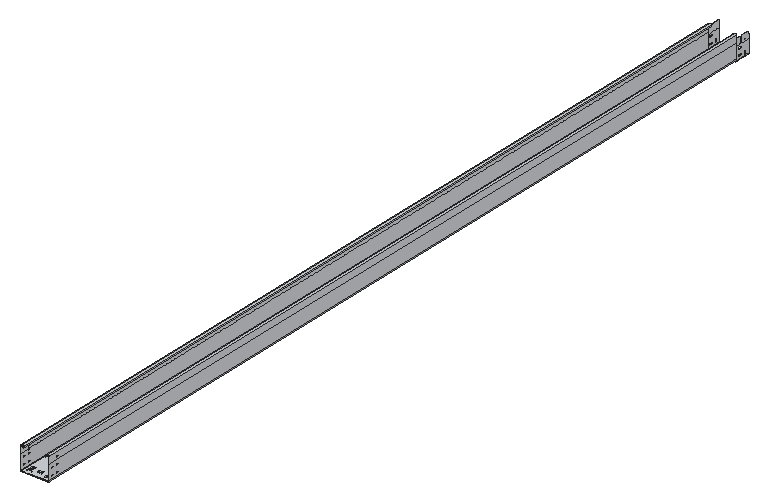
Revit family "SKSMUKabelrinne SKS-Magic® 85 ungelocht FS_FT_810", category Generic Models, Revit 2017
Family settings
  Can host rebar = No
  Round Connector Dimension = Use Diameter
  Part Type = Normal
  Work Plane-Based = No
  Always vertical = Yes
  Cut with Voids When Loaded = No
  Shared = No
  Room Calculation Point = No
Parameters (values of type "SKSMU 810 FS")
  Width 2 = 6.5 mm
  Width 1 = Width / 2  # 50 mm
  Width = 100 mm
  URL = "http://www.obo-bettermann.com"
  Material = Strip-galvanised
  Manufacturer Art.No. = "6059762"
  Manufacturer = "OBO BETTERMANN"
  Length 2 = 49.812 mm
  Length 1 = 3000 mm
  Length = 3050 mm
  Height = 85 mm
  GTIN = "4012195833444"
  Cut's number = 2
  Article Type = "SKSMU 810 FS"
Types (3, lengths in mm): name | Material | Manufacturer Art.No. | GTIN | Article Type
  (no name) | Strip-galvanised | "6059762" | "4012195833444" | "SKSMU 810 FS"
  SKSMU 810 FS | Strip-galvanised | "6059762" | "4012195833444" | "SKSMU 810 FS"
  SKSMU 810 FT | Hot-dip galvanised | "6059779" | "4012195833567" | "SKSMU 810 FT"
Reference planes
  plane 1 "Center (Front/Back)": y = 0
  plane 2: z = 0
  plane 3 "Center (Left/Right)": x = 0
  plane 4: x = -31
  plane 5: x = 31
  plane 6: z = -3.5
  plane 7: y = 3050
  plane 8: z = -5.8
  plane 9: x = -31
  plane 10: x = 31
  plane 11: y = 36.35
  plane 12: z = -5.8
  plane 13: y = 35.85
  plane 14: z = 14
  plane 15: z = 39
  plane 16: y = 35.85
  plane 17: x = 0.74
  plane 18: y = 3024.58
  plane 19: y = 3024.58
  plane 20: x = -31
  plane 21: x = 31
  plane 22: x = 0
  plane 23: y = 3032.58
  plane 24: y = 3016.58
  plane 25 "2": x = -5
  plane 26 "1": y = 29.1
  plane 27: y = 21.1
  plane 28: x = 6
  plane 29: x = 6
  plane 30: x = -3
  plane 31: z = 14.186
  plane 32: z = 83.7
  plane 33: z = -2.3
  plane 34: z = -2.3
  plane 35: z = 74.7
  plane 36: z = 71.45
  plane 37: z = 39.186
  plane 38: y = 14.692
  plane 39: z = 42.107
  plane 40: z = 17.5
  plane 41: z = 10.5
  plane 42: y = 14.692
  plane 43: z = 67.107
  plane 44: z = 42.5
  plane 45: z = 35.5
  plane 46: z = 52.5
  plane 47: z = 64
  plane 48: y = 35.85
  plane 49: y = 3035
  plane 50: z = 13.2
  plane 51: y = 3035
  plane 52: z = 54.6
  plane 53: y = 3020
  plane 54: y = 3015
  plane 55: z = 47.25
  plane 56: y = 3005
  plane 57: y = 3022
  plane 58: z = 17.5
  plane 59: z = 0
  plane 60: z = 9
  plane 61: z = 31.5
Forms (mm)
  Extrusion 1, solid
    sketch origin (0, 0, 0) x (1, 0, 0) y (0, 0, 1)
      loop
        line (-47.715, 0) -> (47.503, 0)
        arc (47.503, 0) -> (49.269, 0.731) -> (50, 2.497) r 2.497
        line (50, 2.497) -> (50, 54.379) -> (50, 77.652)
        arc (50, 77.652) -> (44, 83.652) -> (38, 77.652) r 6
        line (38, 77.652) -> (38, 74.7) -> (39.5, 74.7) -> (39.5, 77.652)
        arc (39.5, 77.652) -> (44, 82.152) -> (48.5, 77.652) r 4.5
        line (48.5, 77.652) -> (48.5, 54.379) -> (48.5, 2.497)
        arc (48.5, 2.497) -> (48.208, 1.792) -> (47.503, 1.5) r 0.997
        line (47.503, 1.5) -> (-47.641, 1.5)
        arc (-47.641, 1.5) -> (-48.248, 1.752) -> (-48.5, 2.359) r 0.859
        line (-48.5, 2.359) -> (-48.5, 54.354) -> (-48.5, 77.765)
        arc (-48.5, 77.765) -> (-44, 82.265) -> (-39.5, 77.765) r 4.5
        line (-39.5, 77.765) -> (-39.5, 74.7) -> (-38.074, 74.7) -> (-38.074, 78.706)
        arc (-38.074, 78.706) -> (-44.472, 83.747) -> (-50, 77.765) r 6
        line (-50, 77.765) -> (-50, 54.354) -> (-50, 2.285)
        arc (-50, 2.285) -> (-49.331, 0.669) -> (-47.715, 0) r 2.285
    from 0 to -3000.188
  Extrusion 2, solid
    sketch origin (0, 0, 0) x (1, 0, 0) y (0, 0, 1)
      loop
        line (-50, 46.42) -> (-50, 71.48) -> (-52.3, 71.48) -> (-52.3, 46.45) -> (-52.3, 2.5)
        arc (-52.3, 2.5) -> (-50.894, -0.894) -> (-47.5, -2.3) r 4.8
        line (-47.5, -2.3) -> (47.5, -2.3)
        arc (47.5, -2.3) -> (50.894, -0.894) -> (52.3, 2.5) r 4.8
        line (52.3, 2.5) -> (52.3, 46.45) -> (52.3, 71.45) -> (50, 71.45) -> (50, 46.45) -> (50, 2.5)
        arc (50, 2.5) -> (49.268, 0.732) -> (47.5, 0) r 2.5
        line (47.5, 0) -> (-47.746, 0)
        arc (-47.746, 0) -> (-49.34, 0.66) -> (-50, 2.254) r 2.254
        line (-50, 2.254) -> (-50, 46.42)
    from -3050 to -3000.188
  Extrusion 3, solid
    sketch origin (0, 0, 0) x (1, 0, 0) y (0, 0, 1)
      loop
        line (-31.068, -5.761) -> (-21.09, 0) -> (-25.554, 0) -> (-31, -3.144) -> (-36.446, 0) -> (-41.046, 0) -> (-31.068, -5.761)
      loop
        line (31, -5.8) -> (41.046, 0) -> (36.446, 0) -> (31, -3.144) -> (25.554, 0) -> (20.954, 0) -> (31, -5.8)
    from -36.35 to -29.85
  Extrusion 4, solid
    sketch origin (0, 0, 0) x (1, 0, 0) y (0, 0, 1)
      loop
        line (-41.046, 0) -> (-31.068, -5.761) -> (-21.09, 0) -> (-25.554, 0) -> (-31, -3.144) -> (-36.446, 0) -> (-41.046, 0)
      loop
        line (20.954, 0) -> (31, -5.8) -> (41.046, 0) -> (36.446, 0) -> (31, -3.144) -> (25.554, 0) -> (20.954, 0)
    from -20.3 to -13.8
  Extrusion 5, void
    sketch origin (0, 0, 0) x (1, 0, 0) y (0, 1, 0)
      loop
        line (-36.446, 36.35) -> (-36.446, 29.85) -> (-25.554, 29.85) -> (-25.554, 36.35) -> (-36.446, 36.35)
      loop
        line (-36.446, 20.3) -> (-36.446, 13.8) -> (-25.554, 13.8) -> (-25.554, 20.3) -> (-36.446, 20.3)
      loop
        line (25.554, 36.35) -> (25.554, 29.85) -> (36.446, 29.85) -> (36.446, 36.35) -> (25.554, 36.35)
      loop
        line (25.554, 20.3) -> (25.554, 13.8) -> (36.446, 13.8) -> (36.446, 20.3) -> (25.554, 20.3)
    from 0 to 1.5
  Extrusion 6, void
    sketch origin (0, 0, 0) x (0, 1, 0) y (0, 0, 1)
      loop
        arc (31.85, 17.5) -> (28.35, 14) -> (31.85, 10.5) r 3.5
        line (31.85, 10.5) -> (39.85, 10.5)
        arc (39.85, 10.5) -> (43.35, 14) -> (39.85, 17.5) r 3.5
        line (39.85, 17.5) -> (31.85, 17.5)
    from 48.5 to 50
  Extrusion 7, void
    sketch origin (0, 0, 0) x (0, 1, 0) y (0, 0, 1)
      loop
        arc (31.654, 42.107) -> (28.35, 38.804) -> (31.654, 35.5) r 3.304
        line (31.654, 35.5) -> (40.046, 35.5)
        arc (40.046, 35.5) -> (43.35, 38.804) -> (40.046, 42.107) r 3.304
        line (40.046, 42.107) -> (31.654, 42.107)
    from 48.5 to 50
  Extrusion 8, void
    sketch origin (0, 0, 0) x (1, 0, 0) y (0, 1, 0)
      loop
        line (-7.26, 3028.08) -> (-7.26, 3021.08) -> (8.74, 3021.08) -> (8.74, 3028.08) -> (-7.26, 3028.08)
    from -2.3 to 0
  Extrusion 9, void
    sketch origin (0, 0, 0) x (1, 0, 0) y (0, 1, 0)
      loop
        line (23, 3036.38) -> (23, 3028.78) -> (39, 3028.78) -> (39, 3036.38) -> (23, 3036.38)
      loop
        line (23, 3020.341) -> (23, 3012.741) -> (39, 3012.741) -> (39, 3020.341) -> (23, 3020.341)
      loop
        line (-39, 3036.38) -> (-39, 3028.78) -> (-23, 3028.78) -> (-23, 3036.38) -> (-39, 3036.38)
      loop
        line (-39, 3020.341) -> (-39, 3012.741) -> (-23, 3012.741) -> (-23, 3020.341) -> (-39, 3020.341)
    from -2.3 to 0
  Extrusion 10, void
    sketch origin (0, 0, 0) x (1, 0, 0) y (0, 1, 0)
      loop
        arc (-6, 30.1) -> (-6.707, 29.807) -> (-7, 29.1) r 1
        line (-7, 29.1) -> (-7, 21.1)
        arc (-7, 21.1) -> (-6.707, 20.393) -> (-6, 20.1) r 1
        line (-6, 20.1) -> (6.045, 20.1)
        arc (6.045, 20.1) -> (7.064, 21.118) -> (6.045, 22.137) r 1.018
        line (6.045, 22.137) -> (-3.101, 23.098)
        arc (-3.101, 23.098) -> (-5, 25.276) -> (-2.758, 27.1) r 2.009
        line (-2.758, 27.1) -> (6.086, 28.111)
        arc (6.086, 28.111) -> (6.968, 29.159) -> (5.972, 30.1) r 0.997
        line (5.972, 30.1) -> (-6, 30.1)
    from 0 to 1.5
  Extrusion 11, void
    sketch origin (0, 0, 0) x (0, 1, 0) y (0, 0, 1)
      loop
        arc (9.939, 17.5) -> (7.197, 14) -> (9.939, 10.5) r 3.605
        line (9.939, 10.5) -> (18.803, 10.5)
        arc (18.803, 10.5) -> (22.198, 13.623) -> (19.7, 17.5) r 3.581
        line (19.7, 17.5) -> (9.939, 17.5)
    from 48.5 to 50
  Extrusion 12, void
    sketch origin (0, 0, 25) x (0, 1, 0) y (0, 0, 1)
      loop
        arc (9.939, 17.5) -> (7.197, 14) -> (9.939, 10.5) r 3.605
        line (9.939, 10.5) -> (18.803, 10.5)
        arc (18.803, 10.5) -> (22.198, 13.623) -> (19.7, 17.5) r 3.581
        line (19.7, 17.5) -> (9.939, 17.5)
    from 48.5 to 50
  Extrusion 13, void
    sketch origin (0, 0, 0) x (0, 1, 0) y (0, 0, 1)
      loop
        line (32.35, 56.5) -> (32.35, 48.5) -> (40.35, 48.5) -> (40.35, 56.5) -> (32.35, 56.5)
    from 48.5 to 50
  Extrusion 14, void
    sketch origin (0, 0, 25) x (0, 1, 0) y (0, 0, 1)
      loop
        arc (31.654, 42.107) -> (28.35, 38.804) -> (31.654, 35.5) r 3.304
        line (31.654, 35.5) -> (40.046, 35.5)
        arc (40.046, 35.5) -> (43.35, 38.804) -> (40.046, 42.107) r 3.304
        line (40.046, 42.107) -> (31.654, 42.107)
    from 48.5 to 50
  Extrusion 15, void
    sketch origin (0, 0, 0) x (0, 1, 0) y (0, 0, 1)
      loop
        line (40.35, 56.5) -> (32.35, 56.5) -> (32.35, 48.5) -> (40.35, 48.5) -> (40.35, 56.5)
      loop
        line (19.697, 42.5) -> (9.807, 42.5)
        arc (9.807, 42.5) -> (7.118, 38.959) -> (9.911, 35.5) r 3.606
        line (9.911, 35.5) -> (19.125, 35.5)
        arc (19.125, 35.5) -> (22.211, 38.771) -> (19.697, 42.5) r 3.6
      loop
        line (40.046, 42.107) -> (31.654, 42.107)
        arc (31.654, 42.107) -> (28.35, 38.804) -> (31.654, 35.5) r 3.304
        line (31.654, 35.5) -> (40.046, 35.5)
        arc (40.046, 35.5) -> (43.35, 38.804) -> (40.046, 42.107) r 3.304
      loop
        line (40.046, 67.107) -> (31.654, 67.107)
        arc (31.654, 67.107) -> (28.35, 63.804) -> (31.654, 60.5) r 3.304
        line (31.654, 60.5) -> (40.046, 60.5)
        arc (40.046, 60.5) -> (43.35, 63.804) -> (40.046, 67.107) r 3.304
      loop
        line (39.85, 17.476) -> (31.823, 17.476)
        arc (31.823, 17.476) -> (28.35, 14.003) -> (31.823, 10.53) r 3.473
        line (31.823, 10.53) -> (39.85, 10.53)
        arc (39.85, 10.53) -> (43.323, 14.003) -> (39.85, 17.476) r 3.473
      loop
        line (19.774, 17.476) -> (9.847, 17.476)
        arc (9.847, 17.476) -> (7.197, 14.012) -> (9.823, 10.53) r 3.605
        line (9.823, 10.53) -> (19.138, 10.53)
        arc (19.138, 10.53) -> (22.212, 13.751) -> (19.774, 17.476) r 3.581
    from -50 to -48.5
  Extrusion 16, void
    sketch origin (0, 0, 0) x (0, 1, 0) y (0, 0, 1)
      loop
        line (3031.5, 19.2) -> (3031.5, 7.257) -> (3038.5, 7.257) -> (3038.5, 19.2) -> (3031.5, 19.2)
      loop
        line (3030, 56.6) -> (3030, 52.6) -> (3040, 52.6) -> (3040, 56.6) -> (3030, 56.6)
      loop
        line (3050, 71.45) -> (3046.972, 71.45) -> (3050, 63.13) -> (3050, 71.45)
      loop
        line (3020, 71.45) -> (3011.998, 71.45) -> (3015, 63.201) -> (3015, 47.25) -> (3020, 47.25) -> (3020, 63.193) -> (3023.005, 71.45) -> (3020, 71.45)
    from -52.3 to -50
  Extrusion 17, void
    sketch origin (0, 0, 0) x (0, 1, 0) y (0, 0, 1)
      loop
        line (3046.972, 71.45) -> (3050, 63.13) -> (3050, 71.45) -> (3046.972, 71.45)
      loop
        line (3030, 56.6) -> (3030, 52.6) -> (3040, 52.6) -> (3040, 56.6) -> (3030, 56.6)
      loop
        line (3031.5, 19.2) -> (3031.5, 7.257) -> (3038.5, 7.257) -> (3038.5, 19.2) -> (3031.5, 19.2)
      loop
        line (3011.998, 71.45) -> (3015, 63.201) -> (3015, 47.25) -> (3020, 47.25) -> (3020, 63.193) -> (3023.005, 71.45) -> (3011.998, 71.45)
    from 50 to 52.3
  Extrusion 18, void
    sketch origin (0, 0, 0) x (0, 1, 0) y (0, 0, 1)
      loop
        line (3005, 9) -> (3022, 9) -> (3022, 40) -> (3005, 40) -> (3005, 31.5) -> (3018.5, 31.5) -> (3018.5, 17.5) -> (3005, 17.5) -> (3005, 9)
    from -52.3 to -50
  Extrusion 19, void
    sketch origin (0, 0, 0) x (0, 1, 0) y (0, 0, 1)
      loop
        line (3005, 40) -> (3005, 31.5) -> (3018.5, 31.5) -> (3018.5, 17.5) -> (3005, 17.5) -> (3005, 9) -> (3022, 9) -> (3022, 40) -> (3005, 40)
    from 50 to 52.3
Cuts and joins
  Extrusion 5, Extrusion 6, Extrusion 7, Extrusion 10, Extrusion 11, Extrusion 12, Extrusion 13, Extrusion 14, Extrusion 15 cuts Extrusion 1
  Extrusion 8, Extrusion 9, Extrusion 16, Extrusion 17, Extrusion 18, Extrusion 19 cuts Extrusion 2
Dimensions and locks
  plane 3 "Center (Left/Right)" to plane 4 = 31 mm
  plane 5 to plane 3 "Center (Left/Right)" = 31 mm
  Extrusion 1 sketch curve to plane 6 = 3.5 mm
  "Width": Extrusion 1 sketch curve to Extrusion 1 sketch curve
  "Width 1": plane 3 "Center (Left/Right)" to Extrusion 1 sketch curve
  "Length": plane 1 "Center (Front/Back)" to plane 7
  locked: Extrusion 2 sketch curve to Extrusion 1 at 2.3  (x2)
  locked: Extrusion 2 to Extrusion 2 at 49.812
  locked: Extrusion 2 to plane 8 at 3.5
  locked: plane 3 "Center (Left/Right)" to plane 9 at 31
  locked: plane 10 to plane 3 "Center (Left/Right)" at 31
  locked: plane 1 "Center (Front/Back)" to plane 11 at 36.35
  "Width 2": Extrusion 3 to Extrusion 3
  locked: Extrusion 3 sketch curve to Extrusion 3 sketch curve at 2.232
  locked: Extrusion 3 sketch curve to Extrusion 3 sketch curve at 2.3  (x3)
  locked: Extrusion 3 to Extrusion 3 at 2.3  (x3)
  locked: Extrusion 3 to Extrusion 3 at 2.232
  locked: Extrusion 2 to plane 12 at 3.5
  locked: plane 3 "Center (Left/Right)" to Extrusion 4 sketch curve at 31.068
  locked: Extrusion 4 sketch curve to plane 3 "Center (Left/Right)" at 31
  "Width 2": Extrusion 4 to Extrusion 4
  locked: cut or joined group 1 (Extrusion 1, Extrusion 5, Extrusion 6, Extrusion 7, Extrusion 10, Extrusion 11, Extrusion 12, Extrusion 13, Extrusion 14, Extrusion 15) to plane 13 at 35.85
  locked: plane 14 to level at 14
  locked: Extrusion 6 sketch curve to Extrusion 6 sketch curve at 7
  locked: plane 14 to Extrusion 6 sketch curve at 3.5
  locked: plane 13 to Extrusion 6 sketch curve at 7.5
  locked: Extrusion 6 sketch curve to plane 13 at 7.5
  locked: plane 15 to Extrusion 7 sketch curve at 3.5
  locked: Extrusion 7 sketch curve to Extrusion 7 sketch curve at 6.607
  locked: Extrusion 7 sketch curve to plane 16 at 7.5
  locked: plane 16 to Extrusion 7 sketch curve at 7.5
  locked: cut or joined group 1 to cut or joined group 1 at 6.607
  locked: plane 7 to plane 18 at 25.42
  locked: Extrusion 8 sketch curve to Extrusion 8 sketch curve at 7
  locked: Extrusion 8 sketch curve to Extrusion 8 sketch curve at 16
  locked: plane 18 to Extrusion 8 sketch curve at 3.5
  locked: Extrusion 8 sketch curve to plane 17 at 8
  locked: plane 7 to plane 19 at 25.42
  locked: plane 20 to plane 22 at 31
  locked: plane 22 to plane 21 at 31
  locked: plane 23 to plane 19 at 8
  locked: plane 19 to plane 24 at 8
  locked: Extrusion 9 sketch curve to Extrusion 9 sketch curve at 7.6  (x2)
  locked: plane 23 to Extrusion 9 sketch curve at 3.8
  locked: Extrusion 9 sketch curve to Extrusion 9 sketch curve at 16  (x2)
  locked: plane 21 to Extrusion 9 sketch curve at 8
  locked: plane 24 to Extrusion 9 sketch curve at 3.761
  locked: plane 20 to Extrusion 9 sketch curve at 8
  locked: Extrusion 10 sketch curve to plane 3 "Center (Left/Right)" at 7
  locked: Extrusion 10 sketch curve to Extrusion 10 sketch curve at 10
  locked: Extrusion 10 sketch curve to Extrusion 10 sketch curve at 14.064
  locked: Extrusion 10 sketch curve to Extrusion 10 sketch curve at 13.97
  locked: Extrusion 10 sketch curve to plane 3 "Center (Left/Right)" at 5.007
  plane 32 to plane 34 = 86 mm
  locked: Extrusion 1 sketch curve to Extrusion 1 sketch curve at 11.926
  locked: Extrusion 1 sketch curve to Extrusion 1 sketch curve at 12
  locked: cut or joined group of Extrusion 2, Extrusion 8, Extrusion 9, Extrusion 16, Extrusion 17, Extrusion 18, Extrusion 19 to plane 36 at 73.75
  plane 31 to level = 14.186 mm
  locked: plane 37 to plane 31 at 25
  cut or joined group 1 to plane 11 = 36.35 mm
  cut or joined group 1 to plane 38 = 14.692 mm
  locked: Extrusion 11 sketch curve to Extrusion 11 sketch curve at 7
  locked: plane 38 to Extrusion 11 sketch curve at 7.534
  locked: Extrusion 11 sketch curve to plane 38 at 7.495
  locked: Extrusion 12 sketch curve to Extrusion 12 sketch curve at 7
  locked: plane 42 to Extrusion 12 sketch curve at 7.534
  locked: Extrusion 12 sketch curve to plane 42 at 7.495
  locked: plane 46 to level at 52.5
  locked: Extrusion 13 sketch curve to Extrusion 13 sketch curve at 8  (x2)
  locked: Extrusion 13 sketch curve to plane 11 at 4
  locked: plane 46 to Extrusion 13 sketch curve at 4
  locked: plane 47 to Extrusion 14 sketch curve at 3.5
  locked: Extrusion 14 sketch curve to Extrusion 14 sketch curve at 6.607
  locked: Extrusion 14 sketch curve to plane 48 at 7.5
  locked: plane 48 to Extrusion 14 sketch curve at 7.5
  group 1 to group 2 = 0 mm  (x2)
  group 1 to group 2 = 25 mm
  locked: cut or joined group of Extrusion 2, Extrusion 8, Extrusion 9, Extrusion 16, Extrusion 17, Extrusion 18, Extrusion 19 to plane 50 at 15.5
  locked: plane 49 to cut or joined group of Extrusion 2, Extrusion 8, Extrusion 9, Extrusion 16, Extrusion 17, Extrusion 18, Extrusion 19 at 15
  locked: Extrusion 16 sketch curve to Extrusion 16 sketch curve at 7
  locked: Extrusion 16 sketch curve to plane 49 at 3.5
  locked: plane 50 to Extrusion 16 sketch curve at 6
  locked: plane 52 to cut or joined group of Extrusion 2, Extrusion 8, Extrusion 9, Extrusion 16, Extrusion 17, Extrusion 18, Extrusion 19 at 54.6
  locked: Extrusion 16 sketch curve to Extrusion 16 sketch curve at 4
  locked: plane 52 to Extrusion 16 sketch curve at 2
  locked: Extrusion 16 sketch curve to Extrusion 16 sketch curve at 10
  locked: plane 51 to Extrusion 16 sketch curve at 5
  locked: plane 53 to cut or joined group of Extrusion 2, Extrusion 8, Extrusion 9, Extrusion 16, Extrusion 17, Extrusion 18, Extrusion 19 at 30
  locked: plane 55 to cut or joined group of Extrusion 2, Extrusion 8, Extrusion 9, Extrusion 16, Extrusion 17, Extrusion 18, Extrusion 19 at 47.25
  plane 56 to cut or joined group of Extrusion 2, Extrusion 8, Extrusion 9, Extrusion 16, Extrusion 17, Extrusion 18, Extrusion 19 = 45 mm
  locked: plane 56 to plane 57 at 17
  locked: plane 58 to plane 59 at 17.5
  plane 57 to cut or joined group of Extrusion 2, Extrusion 8, Extrusion 9, Extrusion 16, Extrusion 17, Extrusion 18, Extrusion 19 = 28 mm
  plane 56 to plane 57 = 17 mm
  locked: Extrusion 18 sketch curve to Extrusion 18 sketch curve at 14
  locked: Extrusion 18 sketch curve to Extrusion 18 sketch curve at 8.5
  locked: Extrusion 3 sketch curve to Extrusion 3 sketch curve (angle 120.00°)  (x2)
  locked: Extrusion 3 to Extrusion 3 (angle 120.00°)  (x2)
  aligned and locked: level to plane 2
  aligned and locked: Extrusion 1 to level
  aligned and locked: Extrusion 1 to Extrusion 2 sketch curve  (x2)
  aligned and locked: Extrusion 2 sketch curve to level
  aligned and locked: plane 7 to Extrusion 2
  aligned and locked: Extrusion 2 to Extrusion 1
  aligned and locked: plane 11 to Extrusion 3
  aligned and locked: level to Extrusion 3 sketch curve  (x2)
  aligned and locked: Extrusion 3 sketch curve to plane 2  (x2)
  aligned and locked: Extrusion 3 to Extrusion 1  (x4)
  aligned and locked: Extrusion 4 sketch curve to level  (x4)
  aligned and locked: Extrusion 4 to Extrusion 1  (x4)
  aligned and locked: Extrusion 5 sketch curve to plane 11
  aligned and locked: Extrusion 5 sketch curve to Extrusion 3  (x7)
  aligned and locked: Extrusion 5 sketch curve to Extrusion 4  (x8)
  aligned and locked: Extrusion 5 to level
  aligned and locked: Extrusion 1 to Extrusion 6  (x2)
  aligned and locked: Extrusion 1 to Extrusion 7
  aligned and locked: Extrusion 2 to Extrusion 8
  aligned and locked: level to Extrusion 8
  aligned and locked: Extrusion 9 sketch curve to Extrusion 9 sketch curve  (x8)
  aligned and locked: Extrusion 2 to Extrusion 9
  aligned and locked: level to Extrusion 9
  aligned and locked: Extrusion 10 to level
  aligned and locked: Extrusion 1 to Extrusion 10
  aligned and locked: Extrusion 5 to Extrusion 10
  aligned and locked: plane 34 to plane 33
  aligned and locked: plane 35 to Extrusion 1 sketch curve
  aligned and locked: Extrusion 11 sketch curve to plane 40
  aligned and locked: Extrusion 12 sketch curve to plane 44
  aligned and locked: Extrusion 1 to Extrusion 12
  aligned and locked: Extrusion 1 to Extrusion 11
  aligned and locked: Extrusion 1 to Extrusion 13  (x2)
  aligned and locked: Extrusion 15 sketch curve to cut or joined group 1  (x7)
  aligned and locked: cut or joined group 1 to Extrusion 15 sketch curve
  aligned and locked: Extrusion 15 sketch curve to Extrusion 15 sketch curve
  aligned and locked: Extrusion 1 to Extrusion 15  (x2)
  aligned and locked: plane 51 to plane 49
  aligned and locked: Extrusion 16 sketch curve to plane 53
  aligned and locked: Extrusion 2 to Extrusion 16
  aligned and locked: Extrusion 16 to Extrusion 2
  aligned and locked: Extrusion 17 to Extrusion 2
  aligned and locked: Extrusion 2 to Extrusion 17
  aligned and locked: Extrusion 18 sketch curve to plane 58
  aligned and locked: Extrusion 2 to Extrusion 18  (x2)
  aligned and locked: Extrusion 2 to Extrusion 19  (x2)
Automatic sketch dimensions
  Extrusion 3 sketch curve to plane 9 = 0 mm
  Extrusion 3 sketch curve to plane 10 = 0 mm  (x2)
  Extrusion 3 sketch curve to plane 8 = 0 mm
  plane 8 to Extrusion 3 sketch curve = 0.039 mm
  Extrusion 3 sketch curve to plane 9 = 0.068 mm
  Extrusion 4 sketch curve to Extrusion 4 sketch curve = 4.6 mm  (x3)
  Extrusion 4 sketch curve to level = 5.761 mm
  Extrusion 4 sketch curve to Extrusion 4 sketch curve = 5.378 mm
  Extrusion 4 sketch curve to level = 3.144 mm  (x2)
  Extrusion 4 sketch curve to Extrusion 4 sketch curve = 0.068 mm
  Extrusion 4 sketch curve to Extrusion 4 sketch curve = 5.446 mm  (x3)
  Extrusion 4 sketch curve to Extrusion 4 sketch curve = 4.464 mm
  Extrusion 4 sketch curve to level = 5.8 mm
  Extrusion 4 sketch curve to Extrusion 4 sketch curve = 0 mm
  Extrusion 10 sketch curve to plane 26 "1" = 0 mm
  Extrusion 10 sketch curve to plane 27 = 0 mm
  Extrusion 10 sketch curve to plane 30 = 0.101 mm
  plane 30 to Extrusion 10 sketch curve = 0.003 mm
  Extrusion 10 sketch curve to plane 28 = 0.028 mm
  plane 28 to Extrusion 10 sketch curve = 0.086 mm
  Extrusion 10 sketch curve to plane 27 = 0.018 mm
  Extrusion 10 sketch curve to plane 25 "2" = 1 mm
  plane 30 to Extrusion 10 sketch curve = 0.242 mm
  Extrusion 2 sketch curve to Extrusion 2 sketch curve = 0.246 mm  (x2)
  Extrusion 2 sketch curve to Extrusion 2 sketch curve = 0 mm  (x2)
  level to Extrusion 2 sketch curve = 2.254 mm
  Extrusion 2 sketch curve to Extrusion 2 sketch curve = 2.5 mm
  Extrusion 2 sketch curve to Extrusion 2 sketch curve = 25.03 mm
  Extrusion 2 sketch curve to plane 36 = 25 mm
  Extrusion 2 sketch curve to Extrusion 2 sketch curve = 0.03 mm
  Extrusion 2 sketch curve to plane 36 = 0 mm
  plane 36 to Extrusion 2 sketch curve = 0.03 mm
  Extrusion 11 sketch curve to plane 38 = 4.754 mm
  Extrusion 11 sketch curve to Extrusion 11 sketch curve = 0.864 mm
  Extrusion 11 sketch curve to Extrusion 11 sketch curve = 1.054 mm
  Extrusion 11 sketch curve to Extrusion 11 sketch curve = 3.578 mm
  Extrusion 12 sketch curve to plane 42 = 4.754 mm
  Extrusion 12 sketch curve to Extrusion 12 sketch curve = 0.864 mm
  Extrusion 12 sketch curve to Extrusion 12 sketch curve = 1.054 mm
  Extrusion 12 sketch curve to Extrusion 12 sketch curve = 3.578 mm
  Extrusion 15 sketch curve to plane 31 = 3.655 mm
  Extrusion 15 sketch curve to plane 11 = 4.527 mm
  Extrusion 15 sketch curve to plane 11 = 4.696 mm  (x2)
  plane 31 to Extrusion 15 sketch curve = 3.291 mm
  Extrusion 15 sketch curve to Extrusion 15 sketch curve = 12.049 mm
  Extrusion 15 sketch curve to Extrusion 15 sketch curve = 11.956 mm
  Extrusion 15 sketch curve to Extrusion 15 sketch curve = 0.637 mm
  Extrusion 15 sketch curve to Extrusion 15 sketch curve = 0.572 mm
  Extrusion 15 sketch curve to plane 31 = 0.108 mm
  Extrusion 15 sketch curve to plane 37 = 0.121 mm
  Extrusion 15 sketch curve to plane 31 = 0.186 mm
  Extrusion 15 sketch curve to Extrusion 15 sketch curve = 7.843 mm
  Extrusion 15 sketch curve to plane 37 = 0.173 mm
  Extrusion 15 sketch curve to Extrusion 15 sketch curve = 7.9 mm
  Extrusion 15 sketch curve to Extrusion 15 sketch curve = 0.812 mm
  plane 11 to Extrusion 15 sketch curve = 3.5 mm
  plane 11 to Extrusion 15 sketch curve = 3.696 mm  (x2)
  Extrusion 15 sketch curve to Extrusion 15 sketch curve = 4 mm
  Extrusion 15 sketch curve to Extrusion 15 sketch curve = 3.304 mm
  Extrusion 15 sketch curve to Extrusion 15 sketch curve = 0.955 mm
  Extrusion 15 sketch curve to Extrusion 15 sketch curve = 0.979 mm
  Extrusion 16 sketch curve to plane 36 = 0 mm  (x2)
  Extrusion 16 sketch curve to plane 54 = 0 mm
  Extrusion 16 sketch curve to plane 53 = 0 mm
  Extrusion 16 sketch curve to plane 55 = 0 mm
  Extrusion 16 sketch curve to plane 54 = 3.002 mm
  plane 53 to Extrusion 16 sketch curve = 3.005 mm
  Extrusion 16 sketch curve to plane 7 = 3.028 mm
  Extrusion 16 sketch curve to plane 50 = 5.943 mm
  Extrusion 16 sketch curve to plane 36 = 8.32 mm
  Extrusion 16 sketch curve to plane 36 = 8.249 mm
  Extrusion 16 sketch curve to Extrusion 16 sketch curve = 0.008 mm
  Extrusion 17 sketch curve to plane 36 = 0 mm  (x2)
  Extrusion 17 sketch curve to plane 7 = 0 mm
  Extrusion 17 sketch curve to Extrusion 17 sketch curve = 6.995 mm
  Extrusion 17 sketch curve to Extrusion 17 sketch curve = 10 mm  (x2)
  Extrusion 17 sketch curve to Extrusion 17 sketch curve = 5 mm
  Extrusion 17 sketch curve to plane 7 = 3.028 mm
  plane 37 to Extrusion 17 sketch curve = 8.064 mm
  Extrusion 17 sketch curve to Extrusion 17 sketch curve = 8.32 mm
  Extrusion 17 sketch curve to plane 36 = 8.257 mm
  Extrusion 17 sketch curve to plane 36 = 8.249 mm
  Extrusion 17 sketch curve to Extrusion 17 sketch curve = 3.002 mm
  Extrusion 18 sketch curve to plane 56 = 0 mm  (x2)
  Extrusion 18 sketch curve to plane 57 = 0 mm
  plane 60 to Extrusion 18 sketch curve = 0 mm
  Extrusion 18 sketch curve to plane 57 = 3.5 mm
  plane 31 to Extrusion 19 sketch curve = 3.314 mm
  Extrusion 19 sketch curve to plane 7 = 45 mm
  Extrusion 19 sketch curve to plane 37 = 7.686 mm
  Extrusion 19 sketch curve to Extrusion 19 sketch curve = 13.5 mm  (x2)
  plane 37 to Extrusion 19 sketch curve = 0.814 mm
  Extrusion 19 sketch curve to Extrusion 19 sketch curve = 3.5 mm
  Extrusion 19 sketch curve to plane 31 = 5.186 mm
  Extrusion 17 sketch curve to plane 7 = 10 mm
  plane 31 to Extrusion 17 sketch curve = 5.014 mm
  Extrusion 17 sketch curve to plane 7 = 11.5 mm
  Extrusion 17 sketch curve to Extrusion 17 sketch curve = 7 mm
  Extrusion 17 sketch curve to plane 31 = 6.928 mm
  plane 37 to Extrusion 17 sketch curve = 13.414 mm
  Extrusion 17 sketch curve to Extrusion 17 sketch curve = 4 mm
  Extrusion 1 sketch curve to Extrusion 1 sketch curve = 0 mm  (x8)
  Extrusion 1 sketch curve to plane 35 = 0 mm
  Extrusion 1 sketch curve to Extrusion 1 sketch curve = 1.5 mm  (x2)
  Extrusion 1 sketch curve to Extrusion 1 sketch curve = 0.785 mm
  Extrusion 1 sketch curve to Extrusion 1 sketch curve = 0.074 mm
  plane 35 to Extrusion 1 sketch curve = 3.065 mm
  Extrusion 1 sketch curve to Extrusion 1 sketch curve = 4.5 mm
  Extrusion 1 sketch curve to Extrusion 1 sketch curve = 0.997 mm
  plane 37 to Extrusion 1 sketch curve = 15.169 mm
  plane 37 to Extrusion 1 sketch curve = 15.193 mm
  plane 35 to Extrusion 1 sketch curve = 2.952 mm
